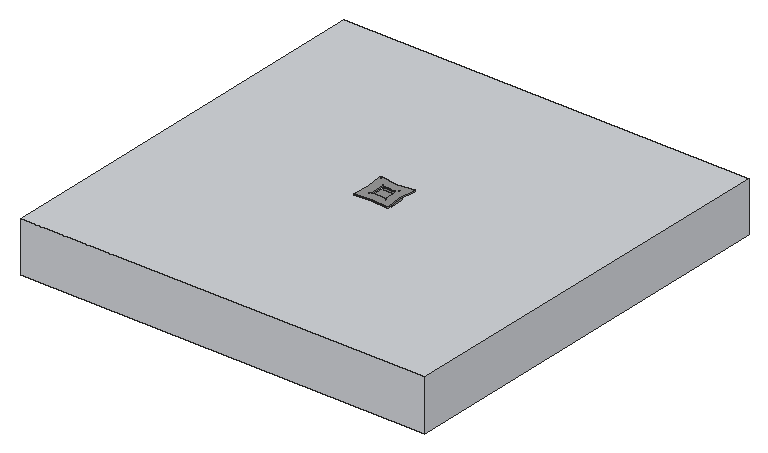
Revit family "Legrand Benelux Universal Columns accessoiries", category Installations électriques, Revit 2020
Family settings
  Hôte = Face
  Conserver l'orientation des annotations = Non
  Cote de connecteur circulaire = Utiliser le diamètre
  Type d'élément = Normal
  Couper avec des vides une fois chargée = Non
  Partagée = Non
  Point de calcul de pièce = Non
Parameters (values of type "Support TV screen 42 inches")
  Standard = "Universal"
  Modèle = "LG-653182"
  Main Material = "Mixed"
  Longueur CV = 80 mm
  Finishing = "Other"
  Fabricant = "LEGRAND"
  Elévation par défaut = 1800 mm
  Description = "tv Column mount 26-42 inch / 66-107cm / vesa. pour Column cv 80 mm"
  Accessoire = TV_SUPPORT_80 : 66-107cm
Types (5, lengths in mm): name | Modèle | Main Material | Finishing | Elévation par défaut | Description | Accessoire
  (no name) | "LG-653180" | "Mixed" | "Other" | 2000 | "tv Column mount 26-42 inch / 66-107cm / vesa. pour Column cv 80 mm" | INFORMATIONS_PANEL_80 : 150x150mm
  Panel indicator | "LG-653180" | "Mixed" | "Other" | 2000 | "panel indicator 150x150mm cv80" | INFORMATIONS_PANEL_80 : 150x150mm
  Shelf | "LG-653183" | "Corian" | "White" | 900 | "shelf for cv80mm universal Column" | TABLES_80 : TABLES_80
  Support TV screen 26 inches | "LG-653181" | "Mixed" | "Other" | 1800 | "tv Column mount 10-26 inch / 25-66cm / vesa. pour Column cv 80 mm" | TV_SUPPORT_80 : 25-66cm
  Support TV screen 42 inches | "LG-653182" | "Mixed" | "Other" | 1800 | "tv Column mount 26-42 inch / 66-107cm / vesa. pour Column cv 80 mm" | TV_SUPPORT_80 : 66-107cm
Reference planes
  plane 1 "Centre (avant/arrière)": y = 0
  plane 2: z = 0
  plane 3 "Centre (gauche/droite)": x = 0
  plane 4: z = 15
  plane 5: y = 40
  plane 6: y = -40
Forms (mm)
  Extrusion 1, solid
    sketch origin (0, 0, 0) x (1, 0, 0) y (0, 1, 0)
      loop
        line (-1219.2, 1219.2) -> (-1219.2, -1219.2) -> (1219.2, -1219.2) -> (1219.2, 1219.2) -> (-1219.2, 1219.2)
    from 0 to -304.8
Dimensions and locks
  aligned and locked: plane 2 to Extrusion 1
  aligned and locked: level to Extrusion 1
Nested families
  nested 1: "TV_SUPPORT_80" at (0, 0, 0), type <- "Accessoire", type "66-107cm"
    with Longueur support 200 mm, Longueur VESA 100 mm
Definition of nested family "TV_SUPPORT_80"
  Parameters (values of type "Support Ref. 653181")
    Longueur support = 100 mm
    Longueur VESA = 75 mm
    Longueur CV = 80 mm
    Default Elevation = 1219.2 mm
  Types (5, lengths in mm): name | Longueur support | Longueur VESA | Longueur CV
    (no name) | 100 | 75 | 80
    Support Ref. 653081 | 100 | 75 | 45
    Support Ref. 653082 | 200 | 100 | 45
    Support Ref. 653181 | 100 | 75 | 80
    Support Ref. 653182 | 200 | 100 | 80
  Reference planes
    plane 1 "Centre (avant/arrière)": y = 0
    plane 2: z = 0
    plane 3 "Centre (gauche/droite)": x = 0
    plane 4: y = -50
    plane 5: y = 50
    plane 6: x = -50
    plane 7: x = 50
    plane 8: y = 37.5
    plane 9: y = -37.5
    plane 10: x = 37.5
    plane 11: x = -37.5
    plane 12: x = 30
    plane 13: x = -30
    plane 14: y = 30
    plane 15: y = -30
    plane 16: z = 15
    plane 17: y = 32
    plane 18: y = -32
    plane 19: z = 30
    plane 20: x = -75
    plane 21: x = 75
    plane 22: y = 40
    plane 23: y = -40
  Forms (mm)
    Extrusion 1, solid
      sketch origin (0, 0, 0) x (1, 0, 0) y (0, 1, 0)
        loop
          line (-1219.2, 1219.2) -> (-1219.2, -1219.2) -> (1219.2, -1219.2) -> (1219.2, 1219.2) -> (-1219.2, 1219.2)
      from 0 to -304.8
    Extrusion 2, solid
      sketch origin (0, 0, 0) x (1, 0, 0) y (0, 1, 0)
        loop
          line (50, 55) -> (0, 43.75) -> (-50, 55)
          arc (-50, 55) -> (-53.536, 53.536) -> (-55, 50) r 5
          line (-55, 50) -> (-43.75, 0) -> (-55, -50)
          arc (-55, -50) -> (-53.536, -53.536) -> (-50, -55) r 5
          line (-50, -55) -> (0, -43.75) -> (50, -55)
          arc (50, -55) -> (53.536, -53.536) -> (55, -50) r 5
          line (55, -50) -> (43.75, 0) -> (55, 50)
          arc (55, 50) -> (53.536, 53.536) -> (50, 55) r 5
      from 30 to 35
    Extrusion 3, void
      sketch origin (0, 0, 0) x (1, 0, 0) y (0, 1, 0)
        loop
          circle (-50, 50) r 1.5
        loop
          circle (50, 50) r 1.5
        loop
          circle (-50, -50) r 1.5
        loop
          circle (50, -50) r 1.5
      from 30 to 35
    Extrusion 4, void
      sketch origin (0, 0, 0) x (1, 0, 0) y (0, 1, 0)
        loop
          line (30, 30) -> (-30, 30) -> (-30, -30) -> (30, -30) -> (30, 30)
      from 30 to 35
    Extrusion 5, void
      sketch origin (0, 0, 0) x (1, 0, 0) y (0, 1, 0)
        loop
          circle (-37.5, 37.5) r 1.5
        loop
          circle (37.5, 37.5) r 1.5
        loop
          circle (-37.5, -37.5) r 1.5
        loop
          circle (37.5, -37.5) r 1.5
      from 30 to 35
    Extrusion 6, solid
      sketch origin (0, 0, 0) x (1, 0, 0) y (0, 1, 0)
        loop
          line (-30, -30) -> (-30, -32) -> (30, -32) -> (30, -30) -> (-30, -30)
      from 15 to 30
    Extrusion 7, solid
      sketch origin (0, 62, 0) x (1, 0, 0) y (0, 1, 0)
        loop
          line (-30, -30) -> (-30, -32) -> (30, -32) -> (30, -30) -> (-30, -30)
      from 15 to 30
    Extrusion 8, solid
      sketch origin (0, 0, 0) x (1, 0, 0) y (0, 1, 0)
        loop
          line (-75, 40) -> (-75, -40) -> (75, -40) -> (75, 40) -> (-75, 40)
      from 0 to 15
    Extrusion 9, solid
      sketch origin (0, 0, 0) x (1, 0, 0) y (0, 1, 0)
        loop
          line (-30, -30) -> (30, -30) -> (30, 30) -> (-30, 30) -> (-30, -30)
      from 15 to 17
  Cuts and joins
    Extrusion 3, Extrusion 4, Extrusion 5 cuts Extrusion 2
  Dimensions and locks
    "Longueur support": plane 6 to plane 7
    equal spacing: plane 6, plane 3 "Centre (gauche/droite)", plane 7
    locked: plane 11 to plane 13 at 7.5
    locked: plane 12 to plane 10 at 7.5
    locked: plane 15 to plane 9 at 7.5
    locked: plane 8 to plane 14 at 7.5
    "Longueur support": plane 4 to plane 5
    equal spacing: plane 4, plane 1 "Centre (avant/arrière)", plane 5
    "Longueur VESA": plane 11 to plane 10
    equal spacing: plane 11, plane 3 "Centre (gauche/droite)", plane 10
    "Longueur VESA": plane 8 to plane 9
    equal spacing: plane 8, plane 1 "Centre (avant/arrière)", plane 9
    plane 3 "Centre (gauche/droite)" to Extrusion 6 = 30 mm
    "Longueur CV": plane 23 to plane 22
    equal spacing: plane 23, plane 1 "Centre (avant/arrière)", plane 22
    locked: plane 15 to plane 18 at 2
    locked: plane 17 to plane 14 at 2
    aligned and locked: plane 2 to Extrusion 1
    aligned and locked: level to Extrusion 1
    aligned and locked: Extrusion 8 sketch curve to plane 23
    aligned and locked: plane 20 to Extrusion 8 sketch curve
    aligned and locked: plane 22 to Extrusion 8 sketch curve
    aligned and locked: Extrusion 8 sketch curve to plane 21
  Automatic sketch dimensions
    Extrusion 1 sketch curve to Extrusion 1 sketch curve = 2438.4 mm  (x2)
    plane 4 to Extrusion 2 sketch curve = 0 mm  (x2)
    plane 5 to Extrusion 2 sketch curve = 0 mm  (x2)
    Extrusion 2 sketch curve to plane 6 = 0 mm  (x2)
    plane 1 "Centre (avant/arrière)" to Extrusion 2 sketch curve = 0 mm  (x2)
    Extrusion 2 sketch curve to plane 3 "Centre (gauche/droite)" = 0 mm  (x2)
    Extrusion 2 sketch curve to plane 7 = 0 mm  (x2)
    plane 6 to Extrusion 2 sketch curve = 5 mm  (x2)
    Extrusion 2 sketch curve to plane 6 = 6.25 mm
    plane 7 to Extrusion 2 sketch curve = 6.25 mm
    Extrusion 2 sketch curve to Extrusion 2 sketch curve = 5 mm  (x2)
    Extrusion 2 sketch curve to plane 4 = 6.25 mm
    plane 5 to Extrusion 2 sketch curve = 6.25 mm
    plane 4 to Extrusion 3 sketch curve = 0 mm  (x2)
    Extrusion 3 sketch curve to plane 6 = 0 mm  (x2)
    plane 5 to Extrusion 3 sketch curve = 0 mm  (x2)
    Extrusion 3 sketch curve to plane 7 = 0 mm  (x2)
    Extrusion 4 sketch curve to plane 13 = 0 mm
    Extrusion 4 sketch curve to plane 12 = 0 mm
    Extrusion 4 sketch curve to plane 15 = 0 mm
    Extrusion 4 sketch curve to plane 14 = 0 mm
    Extrusion 5 sketch curve to plane 9 = 0 mm  (x2)
    Extrusion 5 sketch curve to plane 11 = 0 mm  (x2)
    Extrusion 5 sketch curve to plane 8 = 0 mm  (x2)
    Extrusion 5 sketch curve to plane 10 = 0 mm  (x2)
    Extrusion 6 sketch curve to plane 13 = 0 mm
    Extrusion 6 sketch curve to plane 12 = 0 mm
    Extrusion 6 sketch curve to plane 18 = 0 mm
    Extrusion 6 sketch curve to plane 15 = 0 mm
    Extrusion 7 sketch curve to plane 13 = 0 mm
    Extrusion 7 sketch curve to plane 12 = 0 mm
    Extrusion 7 sketch curve to plane 14 = 0 mm
    Extrusion 7 sketch curve to plane 17 = 0 mm
    Extrusion 9 sketch curve to plane 13 = 0 mm
    Extrusion 9 sketch curve to plane 12 = 0 mm
    Extrusion 9 sketch curve to plane 15 = 0 mm
    Extrusion 9 sketch curve to plane 14 = 0 mm
    radius of Extrusion 3 sketch curve = 1.5 mm  (x4)
    radius of Extrusion 5 sketch curve = 1.5 mm  (x4)
